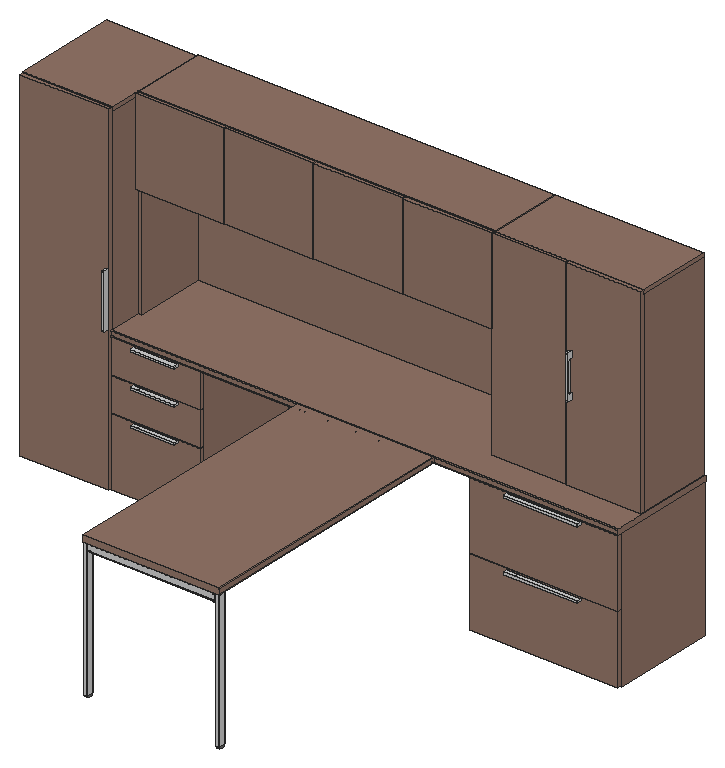
Revit family "FLV019", category Furniture, Revit 2019 (continued)
Definition of nested family "JSI-Flux-Prime_Ht_Strg_OH_Cab"
  Forms (in)
    Extrusion 9, solid, material <- "Door Front"
      sketch origin (16, 0, 0) x (1, 0, 0) y (0, 0, 1)
        loop
          line (-36.06413, 69) -> (-36.06413, 51.75) -> (-20.18913, 51.75) -> (-20.18913, 69) -> (-36.06413, 69)
      from 4.3125 to 5.0625
    Extrusion 10, solid, material <- "Door Front"
      sketch origin (32, 0, 0) x (1, 0, 0) y (0, 0, 1)
        loop
          line (-36.06413, 69) -> (-36.06413, 51.75) -> (-20.18913, 51.75) -> (-20.18913, 69) -> (-36.06413, 69)
      from 4.3125 to 5.0625
    Extrusion 11, solid, material <- "Door Front"
      sketch origin (48, 0, 0) x (1, 0, 0) y (0, 0, 1)
        loop
          line (-36.06413, 69) -> (-36.06413, 51.75) -> (-20.18913, 51.75) -> (-20.18913, 69) -> (-36.06413, 69)
      from 4.3125 to 5.0625
    Extrusion 12, solid, material <- "Door Front"
      sketch origin (64, 0, 0) x (1, 0, 0) y (0, 0, 1)
        loop
          line (-36.06413, 69) -> (-36.06413, 51.75) -> (-20.18913, 51.75) -> (-20.18913, 69) -> (-36.06413, 69)
      from 4.3125 to 5.0625
    Extrusion 13, solid, material <- "Door Front"
      sketch origin (80, 0, 0) x (1, 0, 0) y (0, 0, 1)
        loop
          line (-36.06413, 69) -> (-36.06413, 51.75) -> (-20.18913, 51.75) -> (-20.18913, 69) -> (-36.06413, 69)
      from 4.3125 to 5.0625
  Lines and regions (in)
    symbolic lines
      curve 1: line (-36.06413, -4.3125, 0) -> (-36.06413, -5.0625, 0)
      curve 2: line (-20.06413, -4.3125, 0) -> (-20.06413, -5.0625, 0)
      curve 3: line (-20.18913, -5.0625, 0) -> (-20.18913, -4.3125, 0)
      curve 4: line (-4.18913, -5.0625, 0) -> (-4.18913, -4.3125, 0)
      curve 5: line (-20.18913, -4.3125, 0) -> (-36.06413, -4.3125, 0)
      curve 6: line (-36.06413, -5.0625, 0) -> (-20.18913, -5.0625, 0)
      curve 7: line (-4.18913, -4.3125, 0) -> (-20.06413, -4.3125, 0)
      curve 8: line (-20.06413, -5.0625, 0) -> (-4.18913, -5.0625, 0)
      curve 9: line (-36.06413, 10.75, 0) -> (-36.06413, -4.25, 0)
      curve 10: line (59.81087, 10.75, 0) -> (-36.06413, 10.75, 0)
      curve 11: line (59.81087, 10.75, 0) -> (59.81087, -4.25, 0)
      curve 12: line (59.81087, -4.25, 0) -> (-36.06413, -4.25, 0)
      curve 13: line (-4.06413, -4.3125, 0) -> (-4.06413, -5.0625, 0)
      curve 14: line (11.81087, -5.0625, 0) -> (11.81087, -4.3125, 0)
      curve 15: line (11.81087, -4.3125, 0) -> (-4.06413, -4.3125, 0)
      curve 16: line (-4.06413, -5.0625, 0) -> (11.81087, -5.0625, 0)
      curve 17: line (11.93587, -4.3125, 0) -> (11.93587, -5.0625, 0)
      curve 18: line (27.81087, -5.0625, 0) -> (27.81087, -4.3125, 0)
      curve 19: line (27.81087, -4.3125, 0) -> (11.93587, -4.3125, 0)
      curve 20: line (11.93587, -5.0625, 0) -> (27.81087, -5.0625, 0)
      curve 21: line (27.93587, -4.3125, 0) -> (27.93587, -5.0625, 0)
      curve 22: line (43.81087, -5.0625, 0) -> (43.81087, -4.3125, 0)
      curve 23: line (43.81087, -4.3125, 0) -> (27.93587, -4.3125, 0)
      curve 24: line (27.93587, -5.0625, 0) -> (43.81087, -5.0625, 0)
      curve 25: line (43.93587, -4.3125, 0) -> (43.93587, -5.0625, 0)
      curve 26: line (59.81087, -5.0625, 0) -> (59.81087, -4.3125, 0)
      curve 27: line (59.81087, -4.3125, 0) -> (43.93587, -4.3125, 0)
      curve 28: line (43.93587, -5.0625, 0) -> (59.81087, -5.0625, 0)
    symbolic lines, detail levels medium+fine
      curve 29: line (-35.31413, 9.9375, 0) -> (59.06087, 9.9375, 0)
      curve 30: line (59.06087, 9.9375, 0) -> (59.06087, 10.6875, 0)
      curve 31: line (59.06087, 10.6875, 0) -> (-35.31413, 10.6875, 0)
      curve 32: line (-35.31413, 10.6875, 0) -> (-35.31413, 9.9375, 0)
      curve 33: line (59.06087, 10.6875, 0) -> (59.06087, -4.25, 0)
      curve 34: line (-35.31413, -4.25, 0) -> (-35.31413, 10.6875, 0)
    symbolic lines, visible <- "Partition-L", detail levels medium+fine
      curve 35: line (-3.75163, -4.25, 0) -> (-3.75163, 9.9375, 0)
      curve 36: line (-3.75163, 9.9375, 0) -> (-4.50163, 9.9375, 0)
      curve 37: line (-4.50163, 9.9375, 0) -> (-4.50163, -4.25, 0)
      curve 38: line (-4.50163, -4.25, 0) -> (-3.75163, -4.25, 0)
    symbolic lines, visible <- "Partition-R", detail levels medium+fine
      curve 39: line (28.24837, -4.25, 0) -> (28.24837, 9.9375, 0)
      curve 40: line (28.24837, 9.9375, 0) -> (27.49837, 9.9375, 0)
      curve 41: line (27.49837, 9.9375, 0) -> (27.49837, -4.25, 0)
      curve 42: line (27.49837, -4.25, 0) -> (28.24837, -4.25, 0)
  Dimensions and locks (in)
    "Width": plane 2 "Center (Left/Right)" to plane 6
    "Depth": plane 16 to plane 3 "Center (Front/Back)"
    locked: plane 4 to plane 3 "Center (Front/Back)" at 0.75
    plane 12 to plane 13 to plane 14 to plane 15 = 0' - 0 3/4" locked, 0' - 0 1/16" locked, 0' - 2 3/16" locked
    locked: plane 16 to plane 12 at 0.0625
    locked: plane 2 "Center (Left/Right)" to plane 5 at 0.75
    locked: plane 8 to plane 9 at 0.75
    locked: plane 11 to plane 10 at 0.75
    locked: plane 7 to plane 6 at 0.75
    equal spacing: plane 2 "Center (Left/Right)", plane 17, plane 6
    "Height": plane 23 to plane 18
    "OH Elevation": plane 18 to plane 1
    locked: plane 23 to plane 22 at 0.75
    locked: plane 20 to plane 19 at 1.1875
    "Level of Base Shelve": plane 19 to plane 18
    plane 19 to plane 21 to plane 28 = 0' - 0 1/4" locked, 0' - 0 1/4" locked
    plane 22 to plane 20 = 1' - 3 1/16"
    locked: plane 25 to plane 3 "Center (Front/Back)" at 0.0625
    locked: plane 24 to plane 4 at 0.0625
    "Partition Distance_L": plane 2 "Center (Left/Right)" to plane 8
    "Partition Distance_R": plane 10 to plane 6
    plane 2 "Center (Left/Right)" to plane 29 = 0' - 0 3/4"
    equal spacing: group 1, group 2, group 5, group 6, group 7, group 8  (x3)
    "Door Width": Extrusion 8 sketch curve to Extrusion 8 sketch curve
    "Door Width": Extrusion 9 sketch curve to Extrusion 9 sketch curve
    equal spacing: group 3, group 4, group 9, group 10, group 11, group 12  (x3)
    "Door Array Distance": Extrusion 8 to Extrusion 9
    "Wiring Hole Dist": plane 2 "Center (Left/Right)" to plane 35
    "Wiring Hole Dist": plane 36 to plane 6
    "Door Width": Extrusion 10 sketch curve to Extrusion 10 sketch curve
    "Door Width": Extrusion 11 sketch curve to Extrusion 11 sketch curve
    "Door Width": Extrusion 12 sketch curve to Extrusion 12 sketch curve
    "Door Width": Extrusion 13 sketch curve to Extrusion 13 sketch curve
    radius of Extrusion 5 sketch curve = 0' - 0 5/16"  (x2)
    aligned and locked: level to plane 1
    aligned and locked: Extrusion 1 sketch curve to plane 2 "Center (Left/Right)"
    aligned and locked: Extrusion 1 sketch curve to plane 5
    aligned and locked: Extrusion 1 sketch curve to plane 3 "Center (Front/Back)"
    aligned and locked: Extrusion 1 sketch curve to plane 14
    aligned and locked: Extrusion 2 sketch curve to plane 7
    aligned and locked: Extrusion 2 sketch curve to plane 6
    aligned and locked: Extrusion 2 sketch curve to plane 3 "Center (Front/Back)"
    aligned and locked: Extrusion 2 sketch curve to plane 14
    aligned and locked: plane 22 to Extrusion 1
    aligned and locked: plane 22 to Extrusion 2
    aligned and locked: Extrusion 1 to plane 18
    aligned and locked: Extrusion 2 to plane 18
    aligned and locked: Extrusion 3 sketch curve to plane 22
    aligned and locked: Extrusion 3 sketch curve to plane 23
    aligned and locked: Extrusion 3 sketch curve to plane 2 "Center (Left/Right)"
    aligned and locked: Extrusion 3 sketch curve to plane 6
    aligned and locked: Extrusion 4 sketch curve to plane 20
    aligned and locked: Extrusion 4 sketch curve to plane 19
    aligned and locked: Extrusion 4 sketch curve to plane 5
    aligned and locked: Extrusion 4 sketch curve to plane 7
    aligned and locked: Extrusion 3 to plane 3 "Center (Front/Back)"
    aligned and locked: plane 14 to Extrusion 3
    aligned and locked: Extrusion 4 to plane 24
    aligned and locked: plane 14 to Extrusion 4
    aligned and locked: Extrusion 5 sketch curve to plane 22
    aligned and locked: Extrusion 5 sketch curve to plane 5
    aligned and locked: Extrusion 5 sketch curve to plane 7
    aligned and locked: Extrusion 5 sketch curve to plane 18
    aligned and locked: Extrusion 5 to plane 25
    aligned and locked: plane 24 to Extrusion 5
    aligned and locked: Extrusion 6 sketch curve to plane 8
    aligned and locked: Extrusion 6 sketch curve to plane 9
    aligned and locked: Extrusion 6 sketch curve to plane 24
    aligned and locked: Extrusion 6 sketch curve to plane 14
    aligned and locked: Extrusion 7 sketch curve to plane 11
    aligned and locked: Extrusion 7 sketch curve to plane 10
    aligned and locked: Extrusion 7 sketch curve to plane 24
    aligned and locked: Extrusion 7 sketch curve to plane 14
    aligned and locked: plane 22 to Extrusion 6
    aligned and locked: Extrusion 6 to plane 20
    aligned and locked: plane 22 to Extrusion 7
    aligned and locked: Extrusion 7 to plane 20
    aligned and locked: Extrusion 8 to plane 13
    aligned and locked: plane 12 to Extrusion 8
    aligned and locked: Extrusion 8 to plane 2 "Center (Left/Right)"
    aligned and locked: curve 1 to Extrusion 8
    aligned and locked: curve 2 to Extrusion 9
    aligned and locked: curve 3 to Extrusion 8
    aligned and locked: curve 4 to Extrusion 9
    aligned and locked: curve 5 to Extrusion 8
    aligned and locked: curve 6 to Extrusion 8
    aligned and locked: curve 7 to Extrusion 9
    aligned and locked: curve 8 to Extrusion 9
    aligned and locked: plane 17 to nested 1
    aligned and locked: plane 12 to nested 1
    aligned and locked: curve 9 to plane 2 "Center (Left/Right)"
    aligned and locked: curve 10 to plane 3 "Center (Front/Back)"
    aligned and locked: curve 11 to plane 6
    aligned and locked: curve 12 to plane 14
    aligned and locked: Extrusion 8 to plane 21
    aligned and locked: Extrusion 9 to plane 21
    aligned and locked: curve 13 to Extrusion 10
    aligned and locked: curve 14 to Extrusion 10
    aligned and locked: curve 15 to Extrusion 10
    aligned and locked: curve 16 to Extrusion 10
    aligned and locked: curve 17 to Extrusion 11
    aligned and locked: curve 18 to Extrusion 11
    aligned and locked: curve 19 to Extrusion 11
    aligned and locked: curve 20 to Extrusion 11
    aligned and locked: curve 21 to Extrusion 12
    aligned and locked: curve 22 to Extrusion 12
    aligned and locked: curve 23 to Extrusion 12
    aligned and locked: curve 24 to Extrusion 12
    aligned and locked: curve 25 to Extrusion 13
    aligned and locked: curve 26 to Extrusion 13
    aligned and locked: curve 27 to Extrusion 13
    aligned and locked: curve 28 to Extrusion 13
    aligned and locked: curve 29 to Extrusion 5
    aligned and locked: curve 30 to Extrusion 5
    aligned and locked: curve 31 to Extrusion 5
    aligned and locked: curve 32 to Extrusion 5
    aligned and locked: Extrusion 2 to curve 33
    aligned and locked: curve 34 to Extrusion 1
    aligned and locked: plane 14 to curve 34
    aligned and locked: plane 14 to curve 33
    aligned and locked: curve 35 to Extrusion 6
    aligned and locked: curve 36 to Extrusion 6
    aligned and locked: curve 37 to Extrusion 6
    aligned and locked: curve 38 to Extrusion 6
    aligned and locked: curve 39 to Extrusion 7
    aligned and locked: curve 40 to Extrusion 7
    aligned and locked: curve 41 to Extrusion 7
    aligned and locked: curve 42 to Extrusion 7
  Automatic sketch dimensions
    Extrusion 8 sketch curve to Extrusion 8 sketch curve = 1' - 5 1/4"
    Extrusion 9 sketch curve to Extrusion 9 sketch curve = 1' - 5 1/4"
    curve 1 to curve 5 = 1' - 3 7/8"
    curve 6 to curve 3 = 0' - 0 3/4"
    curve 2 to curve 7 = 1' - 3 7/8"
    curve 8 to curve 4 = 0' - 0 3/4"
    Extrusion 5 sketch curve to plane 28 = 0' - 0"  (x2)
    Extrusion 5 sketch curve to plane 35 = 0' - 0"
    Extrusion 5 sketch curve to plane 36 = 0' - 0"
    Extrusion 10 sketch curve to Extrusion 10 sketch curve = 1' - 5 1/4"
    curve 13 to curve 15 = 1' - 3 7/8"
    curve 16 to curve 14 = 0' - 0 3/4"
    Extrusion 11 sketch curve to Extrusion 11 sketch curve = 1' - 5 1/4"
    curve 17 to curve 19 = 1' - 3 7/8"
    curve 20 to curve 18 = 0' - 0 3/4"
    Extrusion 12 sketch curve to Extrusion 12 sketch curve = 1' - 5 1/4"
    curve 21 to curve 23 = 1' - 3 7/8"
    curve 24 to curve 22 = 0' - 0 3/4"
    Extrusion 13 sketch curve to Extrusion 13 sketch curve = 1' - 5 1/4"
    curve 25 to curve 27 = 1' - 3 7/8"
    curve 28 to curve 26 = 0' - 0 3/4"
  Nested families (in)
    nested 1: "Label 1-16 OH" at (11.87337, -5.0625, 0), type "OH DOORS"
  Definition of nested family "Label 1-16 OH"
    Parameters
      Width = 0' - 1"
      Model Name = "6 Doors"
    Reference planes (in)
      plane 1: y = 0
      plane 2: x = 0
    Text (in)
      label "XX" at (0.00051, -0.12324, 0), shows "Model Name"
Definition of nested family "JSI-Flux-Modular_Top"
  Parameters (values of type "Type Catalog Family - Credenza Top")
    Worksurface = none
    Width = 1' - 6"
    URL = "www.jsifurniture.com"
    Type Comments = ""
    Series = "FLUX"  # constant formula
    Model = "FLT2118MCT"
    Material = ""
    Manufacturer = "JSI"  # constant formula
    Keynote = "12500"
    JSI Enviromental Website = "http://www.jsifurniture.com/jsi_sustainability_intro.php"
    Height = 2' - 5"
    Description = "Credenza Top, Depth 22”, Width 18”, Laminate"
    Depth = 1' - 10"
    Assembly Code = "E2020200"
  Reference planes (in)
    plane 1: z = 0
    plane 2 "Center (Left/Right)": x = -36.06413
    plane 3: z = 29
    plane 4: z = 27.8125
    plane 5: y = -11.25
    plane 6 "Center (Front/Back)": y = 10.75
    plane 7: x = -18.06413
    plane 8: z = 0.3125
    plane 9: x = -18.12663
  Forms (in)
    Extrusion 1, solid, material <- "Worksurface"
      sketch origin (0, 0, 0) x (0, 1, 0) y (0, 0, 1)
        loop
          arc (10.625, 27.8125) -> (10.71339, 27.84911) -> (10.75, 27.9375) r 0.125
          line (10.75, 27.9375) -> (10.75, 28.875)
          arc (10.75, 28.875) -> (10.71339, 28.96339) -> (10.625, 29) r 0.125
          line (10.625, 29) -> (-11.125, 29)
          arc (-11.125, 29) -> (-11.21339, 28.96339) -> (-11.25, 28.875) r 0.125
          line (-11.25, 28.875) -> (-11.25, 27.9375)
          arc (-11.25, 27.9375) -> (-11.21339, 27.84911) -> (-11.125, 27.8125) r 0.125
          line (-11.125, 27.8125) -> (10.625, 27.8125)
      from -36.06413 to -18.06413
  Lines and regions (in)
    symbolic lines
      curve 1: line (-36.06413, 10.75, 0) -> (-18.06413, 10.75, 0)
      curve 2: line (-36.06413, -11.25, 0) -> (-36.06413, 10.75, 0)
      curve 3: line (-18.06413, -11.25, 0) -> (-36.06413, -11.25, 0)
      curve 4: line (-18.06413, 10.75, 0) -> (-18.06413, -11.25, 0)
    symbolic lines, detail levels medium+fine
      curve 5: line (-18.09489, 10.625, 0) -> (-18.09489, 9.875, 0)
  Dimensions and locks (in)
    "Height": plane 3 to level
    locked: plane 3 to plane 4 at 1.1875
    "Width": plane 2 "Center (Left/Right)" to plane 7
    locked: plane 8 to level at 0.3125
    plane 9 to plane 7 = 0' - 0 1/16"
    plane 2 "Center (Left/Right)" to plane 7 = 1' - 6"
    "Depth": plane 5 to plane 6 "Center (Front/Back)"
    aligned and locked: level to plane 1
    aligned and locked: plane 2 "Center (Left/Right)" to curve 2
    aligned and locked: plane 6 "Center (Front/Back)" to curve 1
    aligned and locked: plane 7 to curve 4
    aligned and locked: Extrusion 1 sketch curve to plane 6 "Center (Front/Back)"
    aligned and locked: Extrusion 1 sketch curve to plane 4
    aligned and locked: plane 3 to Extrusion 1 sketch curve
    aligned and locked: Extrusion 1 sketch curve to plane 5
    aligned and locked: Extrusion 1 to plane 2 "Center (Left/Right)"
    aligned and locked: Extrusion 1 to plane 7
  Automatic sketch dimensions
    plane 5 to Extrusion 1 sketch curve = 0' - 0 1/8"  (x2)
    plane 6 "Center (Front/Back)" to Extrusion 1 sketch curve = 0' - 0 1/8"  (x2)
    curve 3 to plane 5 = 0' - 0"
    plane 6 "Center (Front/Back)" to curve 5 = 0' - 0 7/8"
    plane 7 to curve 5 = 0' - 0.03076"
    plane 6 "Center (Front/Back)" to curve 5 = 0' - 0 1/8"
